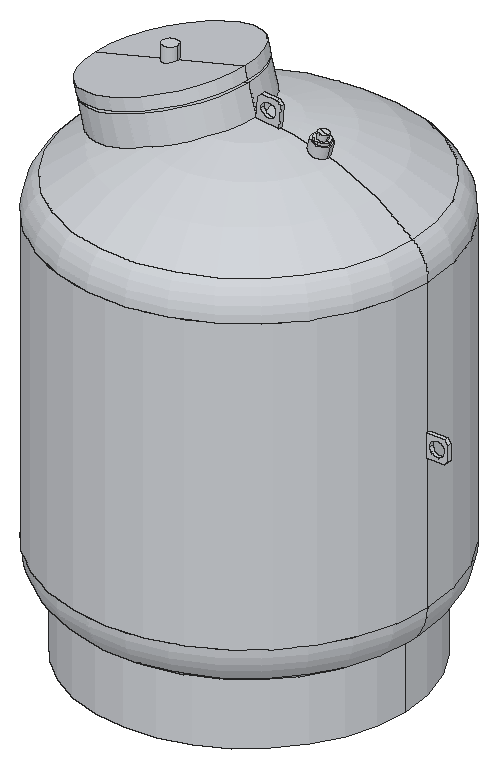
Revit family
Parameters (values of type "1600L 125# W.P.")
  Weight = "1106"
  Tank Volume = "422 Gallons"
  Tank Only = 63.125"
  Tank Height = 64.625"
  Tank Diameter = "48"
  Pipe Connector Diameter = Pipe Connection Radius * 2  # 1.500"
  Pipe Connection Radius = 0.750"
  Model = "1600L"
  Max Operating Temp = "240 Deg F"
  Max Operating Pressure = "125 PSI"
  Manufacturer = "Amtrol"
  Lifting Ring Location = (Tank Only / 2) + 1.625"  # 33.1875"
  Floor to Bottom of Tank = 1.500"
  Bladder/Diaphragm = "Bladder"
  ASME = yes
Types (21): name | Weight | Tank Volume | Tank Only | Tank Height | Pipe Connector Diameter | Pipe Connection Radius | Model | Max Operating Pressure | Lifting Ring Location
  (no name) | "1106" | "422 Gallons" | 63.125" | 64.625" | 1.500" | 0.750" | "1600L" | "125 PSI" | 33.1875"
  1600L 125# W.P. | "1106" | "422 Gallons" | 63.125" | 64.625" | 1.500" | 0.750" | "1600L" | "125 PSI" | 33.1875"
  1600L 150# W.P. 10 BAR | "1425" | "422 Gallons" | 63.125" | 64.625" | 1.500" | 0.750" | "1600L" | "150 PSI" | 33.1875"
  1600L 175# W.P. | "1425" | "422 Gallons" | 63.125" | 64.625" | 1.500" | 0.750" | "1600L" | "175 PSI" | 33.1875"
  1600L 250# W.P. | "1916" | "422 Gallons" | 63.125" | 64.625" | 1.500" | 0.750" | "1600L" | "250 PSI" | 33.1875"
  1600L 300# W.P. | "2015" | "422 Gallons" | 63.125" | 64.625" | 1.500" | 0.750" | "1600L" | "300 PSI" | 33.1875"
  2000L 125# W.P. | "1284" | "528 Gallons" | 78.500" | 80.000" | 1.500" | 0.750" | "2000L" | "125 PSI" | 40.875"
  2000L 150# W.P. 10 BAR | "1675" | "528 Gallons" | 78.500" | 80.000" | 1.500" | 0.750" | "2000L" | "150 PSI" | 40.875"
  2000L 175# W.P. | "1675" | "528 Gallons" | 78.500" | 80.000" | 1.500" | 0.750" | "2000L" | "175 PSI" | 40.875"
  2000L 250# W.P. | "2215" | "528 Gallons" | 78.500" | 80.000" | 1.500" | 0.750" | "2000L" | "250 PSI" | 40.875"
  2000L 300# W.P. | "2325" | "528 Gallons" | 78.500" | 80.000" | 1.500" | 0.750" | "2000L" | "300 PSI" | 40.875"
  2500L 125# W.P. | "1284" | "660 Gallons" | 94.875" | 96.375" | 2.000" | 1.000" | "2500L" | "125 PSI" | 49.0625"
  2500L 150# W.P. 10 BAR | "1945" | "660 Gallons" | 94.875" | 96.375" | 2.000" | 1.000" | "2500L" | "150 PSI" | 49.0625"
  2500L 175# W.P. | "1945" | "660 Gallons" | 94.875" | 96.375" | 2.000" | 1.000" | "2500L" | "175 PSI" | 49.0625"
  2500L 250# W.P. | "2585" | "660 Gallons" | 94.875" | 96.375" | 2.000" | 1.000" | "2500L" | "250 PSI" | 49.0625"
  2500L 300# W.P. | "2715" | "660 Gallons" | 94.875" | 96.375" | 2.000" | 1.000" | "2500L" | "300 PSI" | 49.0625"
  3000L 125# W.P. | "1719" | "793 Gallons" | 111.125" | 116.625" | 2.000" | 1.000" | "3000L" | "125 PSI" | 57.1875"
  3000L 150# W.P. 10 BAR | "2225" | "793 Gallons" | 111.125" | 116.625" | 2.000" | 1.000" | "3000L" | "150 PSI" | 57.1875"
  3000L 175# W.P. | "2225" | "793 Gallons" | 111.125" | 116.625" | 2.000" | 1.000" | "3000L" | "175 PSI" | 57.1875"
  3000L 250# W.P. | "2950" | "793 Gallons" | 111.125" | 116.625" | 2.000" | 1.000" | "3000L" | "250 PSI" | 57.1875"
  3000L 300# W.P. | "3100" | "793 Gallons" | 111.125" | 116.625" | 2.000" | 1.000" | "3000L" | "300 PSI" | 57.1875"
Reference planes (in)
  plane 1 "Center (Front/Back)": y = 0
  plane 2: z = 0
  plane 3 "Center (Left/Right)": x = 0
  plane 4: through (-0.27407, -0.71225, 48) normal (0.4226, 0.9063, 0)
Forms (in)
  Revolve 1, solid
    sketch origin (4.71135, 0, 30.37756) x (1, 0, 0) y (0, 0, 1)
      loop
        line (4.64715, 32.74792) -> (5.8746, 32.41902) -> (6.32015, 34.08183) -> (6.07867, 34.14654) -> (6.1514, 34.41796) -> (5.77662, 34.51839) -> (5.97073, 35.24283) -> (5.35955, 35.4066) -> (4.64715, 32.74792)
      axis (4.64715, 32.74792) -> (5.35955, 35.4066)
    angle from 0 to 360
  Sweep 2, solid
    path origin (-5.29183, 0, 32.37022) x (1, 0, 0) y (0, 0, 1)
      loop
        line (-5.27301, 33.80124) -> (-5.27301, 36.891)
    profile origin (-10.56484, 0, 67.71634) x (-1, 0, 0) y (0, -1, 0)
      loop
        circle (0, 0) r 1
  Revolve 3, solid
    sketch origin (0, 0, 0) x (1, 0, 0) y (0, 0, 1)
      loop
        line (-21, 0) -> (-20.75, 0) -> (-20.75, 9.13591) -> (-21, 9.13591) -> (-21, 0)
      axis (0, 0) -> (0, 9.13591)
    angle from 0 to 360
  Extrusion 4, solid
    sketch origin (6.00301, 0, -0.08679) x (1, 0, 0) y (0, 0, 1)
      loop
        line (17.69188, 34.77386) -> (17.69188, 31.77386) -> (20.44188, 31.77386) -> (20.94188, 32.27386) -> (20.94188, 34.27386) -> (20.44188, 34.77386) -> (17.69188, 34.77386)
      loop
        circle (19.49957, 33.27429) r 1
    from -0.23956 to 0.25
  Extrusion 5, solid
    sketch origin (0.6419, 0, 4.54475) x (1, 0, 0) y (0, 0, 1)
      loop
        line (0.55477, 59.69981) -> (3.54335, 59.43834) -> (3.81183, 62.50707) -> (3.3503, 62.9686) -> (1.35791, 63.14291) -> (0.80788, 62.59288) -> (0.55477, 59.69981)
      loop
        circle (2.21248, 61.43694) r 1
    from -0.23956 to 0.25
  Revolve 6, solid
    sketch origin (0, 0, 0) x (1, 0, 0) y (0, 0, 1)
      loop
        line (0, 64.625) -> (0, 1.5)
        arc (0, 1.5) -> (11.46536, 3.27283) -> (21.67825, 8.77686) r 34.19819
        arc (21.67825, 8.77686) -> (23.38004, 10.88332) -> (23.9882, 13.52214) r 6.02905
        line (23.9882, 13.52214) -> (23.9882, 52.6398)
        arc (23.9882, 52.6398) -> (23.54417, 55.0667) -> (22.04061, 57.02279) r 5.25
        arc (22.04061, 57.02279) -> (11.6848, 62.75042) -> (0, 64.625) r 34.36093
      axis (0, 1.5) -> (0, 64.625)
    angle from 0 to 360
  Revolve 7, solid
    sketch origin (0, 0, 0) x (1, 0, 0) y (0, 0, 1)
      loop
        line (-24.25914, 7.68572) -> (-23.85163, 7.27821) -> (-23.36406, 7.76579) -> (-23.17387, 7.5756) -> (-23.01359, 7.73588) -> (-22.66004, 7.38233) -> (-21.32624, 8.71613) -> (-22.27749, 9.66738) -> (-24.25914, 7.68572)
      axis (-24.25914, 7.68572) -> (-22.27749, 9.66738)
    angle from 0 to 360
  Revolve 8, solid
    sketch origin (0, 0, 0) x (1, 0, 0) y (0, 0, 1)
      loop
        line (-0.47819, 70.06339) -> (-10.52011, 67.37266) -> (-9.02388, 61.78867) -> (1.00672, 64.47636) -> (0, 68.23349) -> (-1.31053, 67.88233) -> (-1.3943, 68.19498) -> (-0.07245, 68.54917) -> (-0.47819, 70.06339)
      axis (-9.02388, 61.78867) -> (-10.52011, 67.37266)
    angle from 0 to 360
Dimensions and locks (in)
  locked: Revolve 1 sketch curve to Revolve 1 sketch curve at 1.72147
  locked: Revolve 1 sketch curve to Revolve 1 sketch curve at 2.00247
  locked: Revolve 1 sketch curve to Revolve 1 sketch curve at 2.75247
  locked: Extrusion 4 sketch curve to Extrusion 4 sketch curve at 3
  Extrusion 4 sketch curve to Extrusion 4 sketch curve = 3.250"
  "Lifting Ring Location": Extrusion 4 sketch curve to level
  Extrusion 5 sketch curve to Extrusion 5 sketch curve = 3.500"
  Extrusion 5 sketch curve to Extrusion 5 sketch curve = 3.000"
  Extrusion 4 sketch curve to Extrusion 4 sketch curve = 0.80768"
  plane 3 "Center (Left/Right)" to Sweep 2 sketch curve = 10.56484"
  "Floor to Bottom of Tank": Revolve 6 sketch curve to level
  "Tank Only": Revolve 6 sketch curve to Revolve 6 sketch curve
  Revolve 6 sketch curve to Revolve 6 sketch curve = 23.9882"
  locked: Extrusion 5 sketch curve to Revolve 6 at 11.34329
  locked: Extrusion 5 sketch curve to Revolve 6 at 11.60476
  locked: Revolve 1 sketch curve to Revolve 6 at 10.15678
  locked: Revolve 1 sketch curve to Revolve 6 at 10.48568
  locked: Sweep 2 sketch curve to Revolve 6 at 13.53166
  locked: Revolve 6 sketch curve to Revolve 6 sketch curve at 29.11093
  locked: Revolve 8 sketch curve to Revolve 6 at 9.14887
  locked: Revolve 8 sketch curve to Revolve 6 at 11.83656
  Revolve 8 sketch curve to Revolve 8 sketch curve = 3.88967"
  locked: Revolve 8 sketch curve to Revolve 8 sketch curve at 5.78099
  radius of Extrusion 4 sketch curve = 1.000"
  radius of Revolve 6 sketch curve = 34.19819"
  radius of Revolve 6 sketch curve = 6.02905"
  angle Extrusion 5 sketch curve to plane 3 "Center (Left/Right)" = 5.00°
  aligned and locked: Revolve 1 sketch curve to Revolve 1 sketch curve
  aligned and locked: Revolve 3 sketch curve to level
  aligned and locked: level to Revolve 3 sketch curve
  aligned and locked: plane 3 "Center (Left/Right)" to Revolve 3 sketch curve
  aligned: plane 1 "Center (Front/Back)" to Extrusion 4
  aligned and locked: Revolve 6 sketch curve to Revolve 3
  aligned and locked: plane 3 "Center (Left/Right)" to Revolve 6 sketch curve
  aligned and locked: Revolve 8 sketch curve to Revolve 8 sketch curve  (x2)
  aligned and locked: plane 3 "Center (Left/Right)" to import instance
  aligned and locked: import instance to plane 1 "Center (Front/Back)"
Automatic sketch dimensions
  Revolve 1 sketch curve to Revolve 1 sketch curve = 0.38839"
  Revolve 1 sketch curve to Revolve 1 sketch curve = 0.54353"
  Revolve 1 sketch curve to Revolve 1 sketch curve = 0.62319"
  Revolve 1 sketch curve to Revolve 1 sketch curve = 0.24148"
  Sweep 2 sketch curve to Sweep 2 sketch curve = 3.08976"
  plane 1 "Center (Front/Back)" to Sweep 2 sketch curve = 0.000"
  Sweep 2 sketch curve to profile plane = 0.000"
  plane 3 "Center (Left/Right)" to Revolve 1 sketch curve = 8.97012"
  Revolve 1 sketch curve to Revolve 1 sketch curve = 0.41707"
  plane 3 "Center (Left/Right)" to Extrusion 4 sketch curve = 23.69489"
  Extrusion 4 sketch curve to Extrusion 4 sketch curve = 0.94232"
  Extrusion 4 sketch curve to Extrusion 4 sketch curve = 0.500"  (x3)
  Extrusion 4 sketch curve to Extrusion 4 sketch curve = 0.99957"
  plane 3 "Center (Left/Right)" to Extrusion 5 sketch curve = 1.19667"
  Extrusion 5 sketch curve to Extrusion 5 sketch curve = 0.55003"  (x2)
  Extrusion 5 sketch curve to Extrusion 5 sketch curve = 1.4046"
  Extrusion 5 sketch curve to Extrusion 5 sketch curve = 0.46153"  (x2)
  Extrusion 5 sketch curve to Extrusion 5 sketch curve = 1.15594"
  Revolve 6 sketch curve to plane 3 "Center (Left/Right)" = 0.000"
  plane 3 "Center (Left/Right)" to Revolve 6 sketch curve = 0.48082"
  plane 3 "Center (Left/Right)" to Revolve 6 sketch curve = 0.58262"
  Revolve 6 sketch curve to Revolve 6 sketch curve = 0.000"  (x2)
  Revolve 6 sketch curve to Revolve 6 sketch curve = 1.94759"
  Revolve 6 sketch curve to Revolve 6 sketch curve = 22.375"
  Revolve 3 sketch curve to plane 3 "Center (Left/Right)" = 0.000"
  level to Revolve 3 sketch curve = 9.13591"
  Revolve 3 sketch curve to plane 3 "Center (Left/Right)" = 20.750"
  Revolve 3 sketch curve to Revolve 3 sketch curve = 0.250"
  Revolve 3 sketch curve to Revolve 3 sketch curve = 7.98627"
  Revolve 7 sketch curve to plane 3 "Center (Left/Right)" = 24.25914"
  level to Revolve 7 sketch curve = 7.68572"  (x2)
  Revolve 7 sketch curve to Revolve 7 sketch curve = 0.000"
  level to Revolve 7 sketch curve = 7.27821"
  Revolve 7 sketch curve to Revolve 7 sketch curve = 0.40751"
  level to Revolve 7 sketch curve = 7.76579"
  level to Revolve 7 sketch curve = 7.5756"
  level to Revolve 7 sketch curve = 7.73588"
  level to Revolve 7 sketch curve = 7.38233"
  Revolve 7 sketch curve to Revolve 7 sketch curve = 0.73611"
  Revolve 7 sketch curve to Revolve 7 sketch curve = 1.3771"  (x2)
  Revolve 8 sketch curve to plane 3 "Center (Left/Right)" = 0.000"
  Revolve 8 sketch curve to plane 3 "Center (Left/Right)" = 0.07245"
  Revolve 8 sketch curve to plane 3 "Center (Left/Right)" = 0.47819"
  Revolve 8 sketch curve to plane 3 "Center (Left/Right)" = 1.31053"
  Revolve 8 sketch curve to Revolve 8 sketch curve = 0.08377"
  Revolve 8 sketch curve to Revolve 8 sketch curve = 1.28608"
  Revolve 6 sketch curve to Revolve 6 sketch curve = 3.29412"
  radius of Sweep 2 sketch curve = 1.000"
  radius of Extrusion 5 sketch curve = 1.000"
Connectors (in)
  piping at (-10.56484, 0, 69.26122), driven by "Pipe Connection Radius"
    settings: on Sweep 2, index 1
